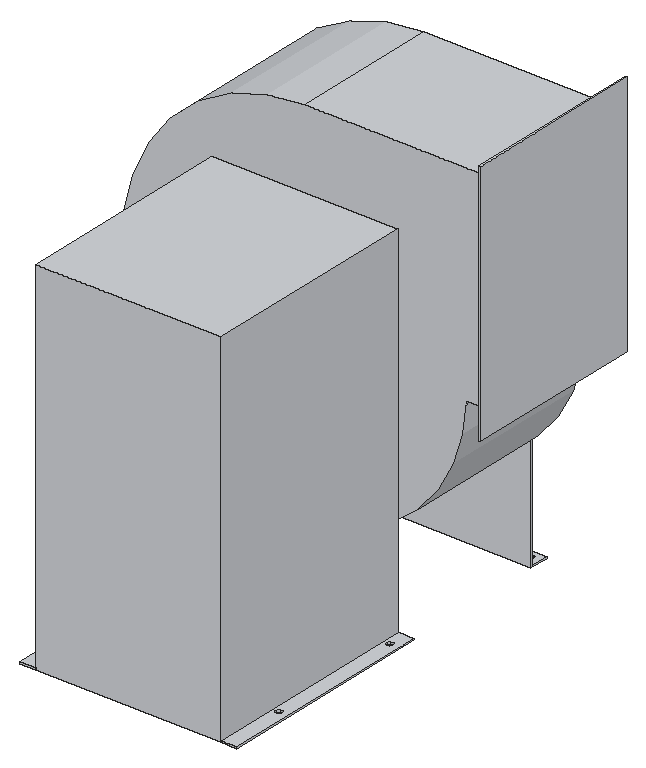
Revit family "CPV", category Mechanical Equipment, Revit 2019
Family settings
  Round Connector Dimension = Use Radius
  Part Type = Normal
  Work Plane-Based = No
  Always vertical = Yes
  Cut with Voids When Loaded = No
  Shared = No
  Room Calculation Point = No
Parameters (values of type "165-CPV")
  Z = 7 3/16"
  Y = 8 5/8"
  X = 21 1/4"
  W+M = W + M  # 19 1/8"
  W+1.5+K+L = W + 1 1/2" + K + L  # 32 13/16"
  W+1.5 = W + 1 1/2"  # 5 1/2"
  W = 4"
  V = 8"
  Unit Weight [instance] = ""
  UNCHECK = not(CHECK)  # no
  UBD_CW [instance] = if(CW, (if(UBD, CHECK, UNCHECK)), UNCHECK)  # no
  UBD_CCW [instance] = if(CCW, (if(UBD, CHECK, UNCHECK)), UNCHECK)  # no
  UBD [instance] = no
  U-.125 = U - 1/8"  # 1 1/2"
  U = 1 5/8"
  THD_CW [instance] = if(CW, (if(THD, CHECK, UNCHECK)), UNCHECK)  # yes
  THD_CCW [instance] = if(CCW, (if(THD, CHECK, UNCHECK)), UNCHECK)  # no
  THD [instance] = yes
  TAU_CW [instance] = if(CW, (if(TAU, CHECK, UNCHECK)), UNCHECK)  # no
  TAU_CCW [instance] = if(CCW, (if(TAU, CHECK, UNCHECK)), UNCHECK)  # no
  TAU [instance] = no
  TAD_CW [instance] = if(CW, (if(TAD, CHECK, UNCHECK)), UNCHECK)  # no
  TAD_CCW [instance] = if(CCW, (if(TAD, CHECK, UNCHECK)), UNCHECK)  # no
  TAD [instance] = no
  T = 3/4"
  Stack Ht [instance] = 120" - (F + D)  # 83 3/16"
  Stack Extension CW [instance] = if(Stack Ht < 40", UNCHECK, if(and(CW, Stack Extension), CHECK, UNCHECK))  # no
  Stack Extension CCW [instance] = if(Stack Ht < 40", UNCHECK, if(and(CCW, Stack Extension), CHECK, UNCHECK))  # no
  Stack Extension [instance] = no
  Sones [instance] = ""
  S/2 = S / 2  # 9/32"
  S = 9/16"
  R = 1"
  Q = 3"
  P-U = P - U  # 38 1/4"
  P-D = P - D  # 19 7/16"
  P = 39 7/8"
  N = 14 7/16"
  Motor RPM [instance] = ""
  Motor Enclosure [instance] = ""
  ModelID [instance] = ""
  M = 15 1/8"
  LwA [instance] = ""
  L = 15 5/16"
  K = 12"
  J = 15 13/16"
  H = 31 7/16"
  G-V = G - V  # 1 3/8"
  G = 9 3/8"
  Fan RPM [instance] = ""
  F-.125 = F - 1/8"  # 16 1/4"
  F = 16 3/8"
  E-F = E - F  # 15 11/16"
  E = 32 1/16"
  DBD_CW [instance] = if(CW, (if(DBD, CHECK, UNCHECK)), UNCHECK)  # no
  DBD_CCW [instance] = if(CCW, (if(DBD, CHECK, UNCHECK)), UNCHECK)  # no
  DBD [instance] = no
  D = 20 7/16"
  CW [instance] = yes
  CLASS = 1"
  CHECK = yes
  CCW [instance] = not(CW)  # no
  C/8*7 = C / 8 * 2.5  # 6 159/256"
  C/8 = C / 6  # 3 17/32"
  C/2 = C / 2  # 10 19/32"
  C = 21 3/16"
  Brake Hp [instance] = ""
  BHD_CW [instance] = if(CW, (if(BHD, CHECK, UNCHECK)), UNCHECK)  # no
  BHD_CCW [instance] = if(CCW, (if(BHD, CHECK, UNCHECK)), UNCHECK)  # no
  BHD [instance] = no
  BAU_CW [instance] = if(CW, (if(BAU, CHECK, UNCHECK)), UNCHECK)  # no
  BAU_CCW [instance] = if(CCW, (if(BAU, CHECK, UNCHECK)), UNCHECK)  # no
  BAU [instance] = no
  BAD_CW [instance] = if(CW, (if(BAD, CHECK, UNCHECK)), UNCHECK)  # no
  BAD_CCW [instance] = if(CCW, (if(BAD, CHECK, UNCHECK)), UNCHECK)  # no
  BAD [instance] = no
  B = 18 1/16"
  Accessories [instance] = ""
  A+.25 = A + 1/4"  # 12 7/8"
  A = 12 5/8"
  CUT = 2"
  TB = 3"  # constant formula
  TA = 20"  # constant formula
  Zero = 0"  # constant formula
  Voltage [instance] = 0 V
  URL = "www.lorencook.com"
  Type Comments = "Aluminum Flat Blade Centrifugal Blower Arrangement 10 Class 1"
  Static Pressure [instance] = 0.00 in-wg
  Power [instance] = Voltage * Motor FLA * sqrt(if(Phase = 3, 3, 1))  # 0 VA
  Phase [instance] = 0
  Number of Poles [instance] = 1
  Motor Hp [instance] = "0"
  Motor FLA [instance] = 0 A
  Model = "CPV_CLASS_1"
  Manufacturer = "Loren Cook Company"
  CFM [instance] = 0 CFM
  1.5 = 1 1/2"  # constant formula
  ONE EIGHTH = 1/8"  # constant formula
  -1.5 = -1 1/2"  # constant formula
  -.125 = -1/8"  # constant formula
  -(A+.25) = -(A + 1/4")  # -12 7/8"
  (C/2)-1.5 = (C / 2) - 1 1/2"  # 9 3/32"
  (C/2)-.25 = (C / 2) - 1/4"  # 10 11/32"
Types (21): name | Z | Y | X | W+M | W+1.5+K+L | W+1.5 | W | V | U-.125 | U | THD_CW | THD_CCW | T | Stack Ht | S/2 | S | R | Q | P-U | P-D | P | N | M | L | K | J | H | G-V | G | F-.125 | F | E-F | E | D | CW | CCW | C/8*7 | C/8 | C/2 | C | B | A+.25 | A | CUT | Type Comments | Model | -(A+.25) | (C/2)-1.5 | (C/2)-.25
  (no name) | 7 3/16" | 8 5/8" | 21 1/4" | 19 1/8" | 32 13/16" | 5 1/2" | 4" | 8" | 1 1/2" | 1 5/8" | yes | no | 3/4" | 83 3/16" | 9/32" | 9/16" | 1" | 3" | 38 1/4" | 19 7/16" | 39 7/8" | 14 7/16" | 15 1/8" | 15 5/16" | 12" | 15 13/16" | 31 7/16" | 1 3/8" | 9 3/8" | 16 1/4" | 16 3/8" | 15 11/16" | 32 1/16" | 20 7/16" | yes | no | 6 159/256" | 3 17/32" | 10 19/32" | 21 3/16" | 18 1/16" | 12 7/8" | 12 5/8" | 2" | "Aluminum Flat Blade Centrifugal Blower Arrangement 10 Class 1" | "CPV_CLASS_1" | -12 7/8" | 9 3/32" | 10 11/32"
  135-CPV | 6" | 8 5/8" | 17 15/16" | 19 1/8" | 30 1/2" | 5 1/2" | 4" | 8" | 1 1/2" | 1 5/8" | yes | no | 3/4" | 88 1/8" | 9/32" | 9/16" | 1" | 3" | 32 9/16" | 16 3/16" | 34 3/16" | 12 1/8" | 15 1/8" | 13" | 12" | 13 1/2" | 27" | 1 3/8" | 9 3/8" | 13 3/4" | 13 7/8" | 12 13/16" | 26 11/16" | 18" | yes | no | 5 65/128" | 2 15/16" | 8 13/16" | 17 5/8" | 14 3/4" | 10 9/16" | 10 5/16" | 2" | "Aluminum Flat Blade Centrifugal Blower Arrangement 10 Class 1" | "CPV_CLASS_1" | -10 9/16" | 7 5/16" | 8 9/16"
  150-CPV | 6 9/16" | 8 5/8" | 19 5/8" | 19 1/8" | 31 5/8" | 5 1/2" | 4" | 8" | 1 1/2" | 1 5/8" | yes | no | 3/4" | 85 5/8" | 9/32" | 9/16" | 1" | 3" | 35 1/2" | 18 1/16" | 37 1/8" | 13 1/4" | 15 1/8" | 14 1/8" | 12" | 14 5/8" | 29 1/16" | 1 3/8" | 9 3/8" | 15 3/16" | 15 5/16" | 14 1/4" | 29 9/16" | 19 1/16" | yes | no | 5 125/128" | 3 3/16" | 9 9/16" | 19 1/8" | 16 7/16" | 11 11/16" | 11 7/16" | 2" | "Aluminum Flat Blade Centrifugal Blower Arrangement 10 Class 1" | "CPV_CLASS_1" | -11 11/16" | 8 1/16" | 9 5/16"
  165-CPV | 7 3/16" | 8 5/8" | 21 1/4" | 19 1/8" | 32 13/16" | 5 1/2" | 4" | 8" | 1 1/2" | 1 5/8" | yes | no | 3/4" | 83 3/16" | 9/32" | 9/16" | 1" | 3" | 38 1/4" | 19 7/16" | 39 7/8" | 14 7/16" | 15 1/8" | 15 5/16" | 12" | 15 13/16" | 31 7/16" | 1 3/8" | 9 3/8" | 16 1/4" | 16 3/8" | 15 11/16" | 32 1/16" | 20 7/16" | yes | no | 6 159/256" | 3 17/32" | 10 19/32" | 21 3/16" | 18 1/16" | 12 7/8" | 12 5/8" | 2" | "Aluminum Flat Blade Centrifugal Blower Arrangement 10 Class 1" | "CPV_CLASS_1" | -12 7/8" | 9 3/32" | 10 11/32"
  180-CPV | 7 3/4" | 9 5/8" | 22 7/8" | 19 1/8" | 33 15/16" | 5 1/2" | 4" | 9" | 1 1/2" | 1 5/8" | yes | no | 3/4" | 80 5/16" | 9/32" | 9/16" | 1 3/16" | 3" | 41 1/2" | 21 1/16" | 43 1/8" | 15 9/16" | 15 1/8" | 16 7/16" | 12" | 16 15/16" | 33 9/16" | 1 3/8" | 10 3/8" | 17 1/2" | 17 5/8" | 17 1/8" | 34 3/4" | 22 1/16" | yes | no | 7 23/256" | 3 25/32" | 11 11/32" | 22 11/16" | 19 11/16" | 14" | 13 3/4" | 2" | "Aluminum Flat Blade Centrifugal Blower Arrangement 10 Class 1" | "CPV_CLASS_1" | -14" | 9 27/32" | 11 3/32"
  195-CPV | 8 5/16" | 9 5/8" | 24 1/2" | 22 1/8" | 38 1/8" | 5 1/2" | 4" | 9" | 1 1/2" | 1 5/8" | yes | no | 3/4" | 78 1/2" | 9/32" | 9/16" | 1 3/16" | 3" | 44 3/4" | 22 11/16" | 46 3/8" | 16 3/4" | 18 1/8" | 17 5/8" | 15" | 18 3/16" | 35 11/16" | 1 3/8" | 10 3/8" | 17 11/16" | 17 13/16" | 18 1/2" | 36 5/16" | 23 11/16" | yes | no | 7 143/256" | 4 1/32" | 12 3/32" | 24 3/16" | 21 5/16" | 15 3/16" | 14 15/16" | 2" | "Aluminum Flat Blade Centrifugal Blower Arrangement 10 Class 1" | "CPV_CLASS_1" | -15 3/16" | 10 19/32" | 11 27/32"
  210-CPV | 8 7/8" | 10 5/8" | 26 3/16" | 23 1/8" | 40 1/4" | 6 1/2" | 5" | 10" | 1 1/2" | 1 5/8" | yes | no | 3/4" | 74 5/8" | 9/32" | 9/16" | 1 7/16" | 4" | 48 1/8" | 24 3/8" | 49 3/4" | 17 7/8" | 18 1/8" | 18 3/4" | 15" | 19 5/16" | 38 7/8" | 1 3/8" | 11 3/8" | 19 7/8" | 20" | 19 15/16" | 39 15/16" | 25 3/8" | yes | no | 8 27/256" | 4.32292" | 12 31/32" | 25 15/16" | 23" | 16 5/16" | 16 1/16" | 2" | "Aluminum Flat Blade Centrifugal Blower Arrangement 10 Class 1" | "CPV_CLASS_1" | -16 5/16" | 11 15/32" | 12 23/32"
  225-CPV | 9 7/16" | 11 1/8" | 27 13/16" | 23 1/8" | 41 3/8" | 6 1/2" | 5" | 10 1/2" | 1 1/2" | 1 5/8" | yes | no | 3/4" | 72 3/8" | 9/32" | 9/16" | 1 7/16" | 4" | 51 3/8" | 26" | 53" | 19" | 18 1/8" | 19 7/8" | 15" | 20 7/16" | 41" | 1 3/8" | 11 7/8" | 20 1/2" | 20 5/8" | 21 3/8" | 42" | 27" | yes | no | 8 147/256" | 4.57292" | 13 23/32" | 27 7/16" | 24 5/8" | 17 7/16" | 17 3/16" | 2" | "Aluminum Flat Blade Centrifugal Blower Arrangement 10 Class 1" | "CPV_CLASS_1" | -17 7/16" | 12 7/32" | 13 15/32"
  245-CPV | 10 1/2" | 12 3/8" | 31" | 23 1/8" | 43 3/16" | 6 1/2" | 5" | 11 1/2" | 2" | 2 1/8" | yes | no | 1" | 68 5/8" | 11/32" | 11/16" | 1 11/16" | 4" | 56 1/8" | 28 5/8" | 58 1/4" | 21 1/16" | 18 1/8" | 21 11/16" | 15" | 23" | 44 5/8" | 1 7/8" | 13 3/8" | 21 5/8" | 21 3/4" | 23 5/16" | 45 1/16" | 29 5/8" | yes | no | 9 51/256" | 4 29/32" | 14 23/32" | 29 7/16" | 26 13/16" | 19" | 18 3/4" | 2" | "Aluminum Flat Blade Centrifugal Blower Arrangement 10 Class 1" | "CPV_CLASS_1" | -19" | 13 7/32" | 14 15/32"
  270-CPV | 11 7/16" | 13 3/8" | 33 3/4" | 26 1/8" | 48 1/16" | 6 1/2" | 5" | 12 1/2" | 2" | 2 1/8" | yes | no | 1" | 64 1/4" | 11/32" | 11/16" | 1 11/16" | 4" | 61 5/8" | 31 3/8" | 63 3/4" | 22 15/16" | 21 1/8" | 23 9/16" | 18" | 24 7/8" | 48 7/8" | 1 7/8" | 14 3/8" | 23 1/4" | 23 3/8" | 25 11/16" | 49 1/16" | 32 3/8" | yes | no | 9 251/256" | 5.32292" | 15 31/32" | 31 15/16" | 29 9/16" | 20 7/8" | 20 5/8" | 2 1/4" | "Aluminum Flat Blade Centrifugal Blower Arrangement 10 Class 1" | "CPV_CLASS_1" | -20 7/8" | 14 15/32" | 15 23/32"
  300-CPV | 12 5/8" | 14 5/16" | 37" | 26 3/16" | 50 1/2" | 6 1/2" | 5" | 13 1/2" | 2" | 2 1/8" | yes | no | 1" | 58 1/2" | 11/32" | 11/16" | 1 15/16" | 4" | 69 1/8" | 35 5/8" | 71 1/4" | 25 5/16" | 21 3/16" | 26" | 18" | 27 3/16" | 53 5/8" | 1 13/16" | 15 5/16" | 25 3/4" | 25 7/8" | 28 1/2" | 54 3/8" | 35 5/8" | yes | no | 10 235/256" | 5.82292" | 17 15/32" | 34 15/16" | 32 13/16" | 23 3/16" | 22 15/16" | 2 1/2" | "Aluminum Flat Blade Centrifugal Blower Arrangement 10 Class 1" | "CPV_CLASS_1" | -23 3/16" | 15 31/32" | 17 7/32"
  330-CPV | 13 3/4" | 15 13/16" | 40 5/16" | 26 3/16" | 52 13/16" | 6 1/2" | 5" | 15" | 2" | 2 1/8" | yes | no | 1" | 52 11/16" | 13/32" | 13/16" | 1 15/16" | 4" | 74 5/8" | 37 7/8" | 76 3/4" | 27 5/8" | 21 3/16" | 28 5/16" | 18" | 29 7/16" | 58 3/8" | 1 13/16" | 16 13/16" | 28 5/16" | 28 7/16" | 31 3/8" | 59 13/16" | 38 7/8" | yes | no | 11 219/256" | 6.32292" | 18 31/32" | 37 15/16" | 36 1/8" | 25 1/2" | 25 1/4" | 2 3/4" | "Aluminum Flat Blade Centrifugal Blower Arrangement 10 Class 1" | "CPV_CLASS_1" | -25 1/2" | 17 15/32" | 18 23/32"
  365-CPV | 15 1/16" | 16 13/16" | 44 3/16" | 30 3/16" | 59 7/16" | 7 1/2" | 6" | 16" | 2" | 2 1/8" | yes | no | 1" | 45 13/16" | 13/32" | 13/16" | 2 3/16" | 5" | 82 3/8" | 41 3/4" | 84 1/2" | 30 1/4" | 24 3/16" | 30 15/16" | 21" | 32 1/16" | 64 1/4" | 1 13/16" | 17 13/16" | 31 5/16" | 31 7/16" | 34 11/16" | 66 1/8" | 42 3/4" | yes | no | 12 243/256" | 6 29/32" | 20 23/32" | 41 7/16" | 39 15/16" | 28 1/8" | 27 7/8" | 3" | "Aluminum Flat Blade Centrifugal Blower Arrangement 10 Class 1" | "CPV_CLASS_1" | -28 1/8" | 19 7/32" | 20 15/32"
  402-CPV | 17" | 18 13/16" | 48 5/16" | 30 3/16" | 62 13/16" | 7 1/2" | 6" | 18" | 2" | 2 1/8" | yes | no | 1" | 38 9/16" | 13/32" | 13/16" | 2 3/16" | 5" | 90 3/8" | 45 3/4" | 92 1/2" | 34 1/8" | 24 3/16" | 34 5/16" | 21" | 34 15/16" | 70 1/4" | 1 13/16" | 19 13/16" | 34 9/16" | 34 11/16" | 38 1/4" | 72 15/16" | 46 3/4" | yes | no | 14 31/256" | 7 17/32" | 22 19/32" | 45 3/16" | 44 1/16" | 31" | 30 3/4" | 3 1/4" | "Aluminum Flat Blade Centrifugal Blower Arrangement 10 Class 1" | "CPV_CLASS_1" | -31" | 21 3/32" | 22 11/32"
  445-CPV | 18 5/8" | 20 13/16" | 52 15/16" | 34 3/16" | 70 1/16" | 7 1/2" | 6" | 20" | 2" | 2 1/8" | yes | no | 1" | 30 5/16" | 13/32" | 13/16" | 2 7/16" | 5" | 99 5/8" | 50 3/8" | 101 3/4" | 37 3/8" | 28 3/16" | 37 9/16" | 25" | 38 3/16" | 76 7/8" | 1 13/16" | 21 13/16" | 38 3/16" | 38 5/16" | 42 1/4" | 80 9/16" | 51 3/8" | yes | no | 15 115/256" | 8.23958" | 24 23/32" | 49 7/16" | 48 11/16" | 34 1/4" | 34" | 3 1/2" | "Aluminum Flat Blade Centrifugal Blower Arrangement 10 Class 1" | "CPV_CLASS_1" | -34 1/4" | 23 7/32" | 24 15/32"
  490-CPV | 20 3/8" | 22 13/16" | 57 7/8" | 34 3/16" | 73 1/2" | 7 1/2" | 6" | 22" | 2" | 2 1/8" | no | yes | 1" | 21 9/16" | 13/32" | 13/16" | 2 7/16" | 5" | 109 3/8" | 55 1/4" | 111 1/2" | 40 3/16" | 28 3/16" | 41" | 25" | 41 5/8" | 84 1/4" | 1 13/16" | 23 13/16" | 42 1/16" | 42 3/16" | 46 9/16" | 88 3/4" | 56 1/4" | no | yes | 17 3/16" | 9.16667" | 27 1/2" | 55" | 53 5/8" | 37 7/16" | 37 3/16" | 4" | "Aluminum Flat Blade Centrifugal Blower Arrangement 10 Class 1" | "CPV_CLASS_1" | -37 7/16" | 26" | 27 1/4"
  120-CPV | 5 7/16" | 8 5/8" | 16 5/16" | 17 1/8" | 27 3/8" | 5 1/2" | 4" | 8" | 1 1/2" | 1 5/8" | yes | no | 3/4" | 88 5/8" | 9/32" | 9/16" | 1" | 3" | 30 15/16" | 14 9/16" | 32 9/16" | 11" | 13 1/8" | 11 7/8" | 10" | 12 3/8" | 26 1/4" | 1 3/8" | 9 3/8" | 13 1/4" | 13 3/8" | 11 7/16" | 24 13/16" | 18" | yes | no | 5 5/128" | 2 11/16" | 8 1/16" | 16 1/8" | 13 1/8" | 9 7/16" | 9 3/16" | 2 1/2" | "Aluminum Flat Blade Centrifugal Blower Arrangement 10 Class 1" | "CPV_CLASS_1" | -9 7/16" | 6 9/16" | 7 13/16"
  100-CPV | 4 5/8" | 8 5/8" | 14 1/16" | 17 1/8" | 25 3/4" | 5 1/2" | 4" | 8" | 1 1/2" | 1 5/8" | yes | no | 3/4" | 89 1/4" | 9/32" | 9/16" | 1" | 3" | 28 3/4" | 12 3/8" | 30 3/8" | 9 3/8" | 13 1/8" | 10 1/4" | 10" | 10 3/4" | 25 1/4" | 1 3/8" | 9 3/8" | 12 5/8" | 12 3/4" | 9 1/2" | 22 1/4" | 18" | yes | no | 4 53/128" | 2.35417" | 7 1/16" | 14 1/8" | 10 15/16" | 7 13/16" | 7 9/16" | 3 1/2" | "Aluminum Flat Blade Centrifugal Blower Arrangement 10 Class 1" | "CPV_CLASS_1" | -7 13/16" | 5 9/16" | 6 13/16"
  60-CPV | 4 5/8" | 8 5/8" | 14 1/16" | 17 1/8" | 25 3/4" | 5 1/2" | 4" | 8" | 1 1/2" | 1 5/8" | yes | no | 3/4" | 89 1/4" | 9/32" | 9/16" | 1" | 3" | 28 3/4" | 12 3/8" | 30 3/8" | 9 3/8" | 13 1/8" | 10 1/4" | 10" | 10 3/4" | 25 1/4" | 1 3/8" | 9 3/8" | 12 5/8" | 12 3/4" | 9 1/2" | 22 1/4" | 18" | yes | no | 4 53/128" | 2.35417" | 7 1/16" | 14 1/8" | 10 15/16" | 7 13/16" | 7 9/16" | 3 1/2" | "Aluminum Flat Blade Centrifugal Blower Arrangement 10 Class 1" | "CPV_CLASS_1" | -7 13/16" | 5 9/16" | 6 13/16"
  70-CPV | 4 5/8" | 8 5/8" | 14 1/16" | 17 1/8" | 25 3/4" | 5 1/2" | 4" | 8" | 1 1/2" | 1 5/8" | yes | no | 3/4" | 89 1/4" | 9/32" | 9/16" | 1" | 3" | 28 3/4" | 12 3/8" | 30 3/8" | 9 3/8" | 13 1/8" | 10 1/4" | 10" | 10 3/4" | 25 1/4" | 1 3/8" | 9 3/8" | 12 5/8" | 12 3/4" | 9 1/2" | 22 1/4" | 18" | yes | no | 4 53/128" | 2.35417" | 7 1/16" | 14 1/8" | 10 15/16" | 7 13/16" | 7 9/16" | 3 1/2" | "Aluminum Flat Blade Centrifugal Blower Arrangement 10 Class 1" | "CPV_CLASS_1" | -7 13/16" | 5 9/16" | 6 13/16"
  80-CPV | 4 5/8" | 8 5/8" | 14 1/16" | 17 1/8" | 25 3/4" | 5 1/2" | 4" | 8" | 1 1/2" | 1 5/8" | yes | no | 3/4" | 89 1/4" | 9/32" | 9/16" | 1" | 3" | 28 3/4" | 12 3/8" | 30 3/8" | 9 3/8" | 13 1/8" | 10 1/4" | 10" | 10 3/4" | 25 1/4" | 1 3/8" | 9 3/8" | 12 5/8" | 12 3/4" | 9 1/2" | 22 1/4" | 18" | yes | no | 4 53/128" | 2.35417" | 7 1/16" | 14 1/8" | 10 15/16" | 7 13/16" | 7 9/16" | 3 1/2" | "Aluminum Flat Blade Centrifugal Blower Arrangement 10" | "CPV" | -7 13/16" | 5 9/16" | 6 13/16"
Reference planes (in)
  plane 1 "Center (Front/Back)": y = 0
  plane 2: z = 0
  plane 3 "Center (Left/Right)": x = 5.43191
  plane 4: z = 20.4375
  plane 5: x = -14.00559
  plane 6: x = 24.86941
  plane 7 "Stack Extension Top": z = 120
  plane 8 "Stack Extension Top Flange": z = 119.875
  plane 9 "Stack Extension Bottom Flange": z = 36.9375
  plane 10 "Stack Extension Bottom": z = 36.8125
Forms (in)
  Extrusion 1, solid
    sketch origin (0, 0, 0) x (1, 0, 0) y (0, 1, 0)
      loop
        line (-2.56809, 0) -> (-2.56809, -19.125) -> (13.43191, -19.125) -> (13.43191, 0) -> (-2.56809, 0)
    from 0 to 31.4375 <- "H"
  Extrusion 2, solid
    sketch origin (0, 0, 0) x (1, 0, 0) y (0, 1, 0)
      loop
        line (-2.56809, 0) -> (-3.94309, 0) -> (-3.94309, -19.125) -> (-2.56809, -19.125) -> (-2.56809, 0)
      loop
        line (13.43191, 0) -> (13.43191, -19.125) -> (14.80691, -19.125) -> (14.80691, 0) -> (13.43191, 0)
    from 0 to 0.125 <- "ONE EIGHTH"
  Extrusion 3, solid
    sketch origin (0, 0, 0) x (1, 0, 0) y (0, 1, 0)
      loop
        line (-3.94309, 14.4375) -> (-3.94309, 12.875) -> (14.80691, 12.875) -> (14.80691, 14.4375) -> (-3.94309, 14.4375)
    from 0 to 0.125 <- "ONE EIGHTH"
  Extrusion 4, solid
    sketch origin (14.80691, 12.875, 0) x (-1, 0, 0) y (0, 0, -1)
      loop
        line (18.75, 0) -> (0, 0) -> (0, -20.4375) -> (18.75, -20.4375) -> (18.75, 0)
    from 0 to 0.125 <- "ONE EIGHTH"
  Extrusion 5, void
    sketch origin (14.80691, 12.875, 0) x (1, 0, 0) y (0, 0, -1)
      loop
        circle (-9.375, -20.4375) r 10.59375
    from -0.125 <- "-.125" to 0 <- "Zero"
  Extrusion 6, void
    sketch origin (0, 0, 0) x (1, 0, 0) y (0, 1, 0)
      loop
        circle (14.05691, -1.625) r 0.28125
      loop
        circle (14.05691, -13.625) r 0.28125
      loop
        circle (-3.19309, -13.625) r 0.28125
      loop
        circle (-3.19309, -1.625) r 0.28125
    from -12 to 12
  Extrusion 7, void
    sketch origin (0, 0, 0) x (1, 0, 0) y (0, 1, 0)
      loop
        circle (14.05691, 13.6875) r 0.28125
      loop
        circle (-3.19309, 13.6875) r 0.28125
    from -0.125 <- "-.125" to 0.125 <- "ONE EIGHTH"
  Extrusion 8, solid
    sketch origin (14.80691, 12.75, 0) x (-1, 0, 0) y (0, 0, -1)
      loop
        circle (9.375, -20.4375) r 10.59375
      loop
        circle (9.375, -20.4375) r 10.34375
    from 0 to -1.5 <- "-1.5"
  Extrusion 9, solid, visible <- "Stack Extension CW"
    sketch origin (0, 0, 36.8125) x (0, -1, 0) y (1, 0, 0)
      loop
        line (-14.3125, -14.00559) -> (1.5, -14.00559) -> (1.5, 7.24441) -> (-14.3125, 7.24441) -> (-14.3125, -14.00559)
    from 0.125 to 0
  Extrusion 10, solid, visible <- "Stack Extension CW"
    sketch origin (0, 0, 120) x (-1, 0, 0) y (0, -1, 0)
      loop
        line (14.00559, -14.3125) -> (14.00559, 1.5) -> (-7.24441, 1.5) -> (-7.24441, -14.3125) -> (14.00559, -14.3125)
    from 0 to -0.125
  Extrusion 11, solid, visible <- "Stack Extension CW"
    sketch origin (0, 0, 36.9375) x (-1, 0, 0) y (0, -1, 0)
      loop
        line (12.38059, -12.75) -> (12.38059, -0.125) -> (-5.68191, -0.125) -> (-5.68191, -12.75) -> (12.38059, -12.75)
    from 82.9375 to 0
  Extrusion 12, solid, visible <- "Stack Extension CCW"
    sketch origin (0, 0, 120) x (-1, 0, 0) y (0, -1, 0)
      loop
        line (-24.86941, -14.1875) -> (-3.61941, -14.1875) -> (-3.61941, 1.625) -> (-24.86941, 1.625) -> (-24.86941, -14.1875)
    from 0 to -0.125
  Extrusion 13, solid, visible <- "Stack Extension CCW"
    sketch origin (0, 0, 36.8125) x (0, -1, 0) y (1, 0, 0)
      loop
        line (-14.3125, 3.61941) -> (1.5, 3.61941) -> (1.5, 24.86941) -> (-14.3125, 24.86941) -> (-14.3125, 3.61941)
    from 0.125 to 0
  Extrusion 14, solid, visible <- "Stack Extension CCW"
    sketch origin (0, 0, 36.9375) x (-1, 0, 0) y (0, -1, 0)
      loop
        line (-5.18191, -12.75) -> (-5.18191, -0.125) -> (-23.24441, -0.125) -> (-23.24441, -12.75) -> (-5.18191, -12.75)
    from 82.9375 to 0
Cuts and joins
  Extrusion 5, Extrusion 7 cuts Extrusion 4
  Extrusion 6 cuts Extrusion 1
  Extrusion 6 cuts Extrusion 2
  Extrusion 7 cuts Extrusion 3
Lines and regions (in)
  reference lines, not visible
    curve 1: line (5.43191, 57, 20.4375) -> (5.43191, -58, 20.4375)
Dimensions and locks (in)
  "Zero": Extrusion 1 sketch curve to plane 1 "Center (Front/Back)"
  "W+M": plane 1 "Center (Front/Back)" to Extrusion 1 sketch curve
  "V": plane 3 "Center (Left/Right)" to Extrusion 1 sketch curve
  "V": Extrusion 1 sketch curve to plane 3 "Center (Left/Right)"
  "Zero": Extrusion 2 sketch curve to plane 1 "Center (Front/Back)"  (x2)
  "Zero": Extrusion 1 to Extrusion 2 sketch curve  (x2)
  "Zero": Extrusion 2 sketch curve to Extrusion 1  (x2)
  "G-V": Extrusion 2 sketch curve to Extrusion 2 sketch curve  (x2)
  "N": plane 1 "Center (Front/Back)" to Extrusion 3 sketch curve
  "A+.25": Extrusion 3 sketch curve to plane 1 "Center (Front/Back)"
  "Zero": Extrusion 2 to Extrusion 3 sketch curve  (x2)
  "Zero": Extrusion 1 to Extrusion 4 sketch curve
  "D": Extrusion 4 sketch curve to Extrusion 4 sketch curve
  "Zero": Extrusion 4 sketch curve to Extrusion 2  (x2)
  "D": Extrusion 1 to Extrusion 5 sketch curve
  "V": Extrusion 1 to Extrusion 5 sketch curve
  "Y": plane 3 "Center (Left/Right)" to Extrusion 6 sketch curve  (x2)
  "Y": Extrusion 6 sketch curve to plane 3 "Center (Left/Right)"  (x2)
  "W+1.5": Extrusion 1 to Extrusion 6 sketch curve  (x2)
  "K": Extrusion 6 sketch curve to Extrusion 6 sketch curve  (x2)
  "W+1.5+K+L": cut or joined group of Extrusion 1, Extrusion 6 to Extrusion 7 sketch curve  (x2)
  "V": cut or joined group of Extrusion 1, Extrusion 6 to Extrusion 8 sketch curve  (x2)
  "D": Extrusion 8 sketch curve to cut or joined group of Extrusion 1, Extrusion 6  (x2)
  "T": Extrusion 7 sketch curve to cut or joined group of Extrusion 3, Extrusion 7
  "T": cut or joined group of Extrusion 3, Extrusion 7 to Extrusion 7 sketch curve
  "D": plane 4 to level
  "Stack Ht": plane 7 "Stack Extension Top" to plane 10 "Stack Extension Bottom"
  "ONE EIGHTH": plane 7 "Stack Extension Top" to plane 8 "Stack Extension Top Flange"
  "ONE EIGHTH": plane 9 "Stack Extension Bottom Flange" to plane 10 "Stack Extension Bottom"
  equal spacing: plane 5, plane 3 "Center (Left/Right)", plane 6
  "P-D": plane 5 to plane 3 "Center (Left/Right)"
  "X": Extrusion 9 sketch curve to Extrusion 9 sketch curve
  "J": Extrusion 9 sketch curve to Extrusion 9 sketch curve
  "U-.125": Extrusion 9 sketch curve to plane 1 "Center (Front/Back)"
  "X": Extrusion 10 sketch curve to Extrusion 10 sketch curve
  "J": Extrusion 10 sketch curve to Extrusion 10 sketch curve
  "U-.125": Extrusion 10 sketch curve to plane 1 "Center (Front/Back)"
  "A": Extrusion 11 sketch curve to Extrusion 11 sketch curve
  "B": Extrusion 11 sketch curve to Extrusion 11 sketch curve
  "ONE EIGHTH": Extrusion 11 sketch curve to plane 1 "Center (Front/Back)"
  "U": plane 5 to Extrusion 11 sketch curve
  plane 7 "Stack Extension Top" to level = 120"
  "J": Extrusion 12 sketch curve to Extrusion 12 sketch curve
  "X": Extrusion 12 sketch curve to Extrusion 12 sketch curve
  "U": Extrusion 12 sketch curve to nested 6
  "U-.125": Extrusion 13 sketch curve to nested 6
  "J": Extrusion 13 sketch curve to Extrusion 13 sketch curve
  "X": Extrusion 13 sketch curve to Extrusion 13 sketch curve
  "B": Extrusion 14 sketch curve to Extrusion 14 sketch curve
  "A": Extrusion 14 sketch curve to Extrusion 14 sketch curve
  "U": Extrusion 14 sketch curve to plane 6
  "ONE EIGHTH": Extrusion 14 sketch curve to nested 6
  "C/2": radius of Extrusion 5 sketch curve
  "S/2": radius of Extrusion 6 sketch curve  (x4)
  "S/2": radius of Extrusion 7 sketch curve  (x2)
  "C/2": radius of Extrusion 8 sketch curve
  "(C/2)-.25": radius of Extrusion 8 sketch curve
  aligned and locked: plane 1 "Center (Front/Back)" to nested 1
  aligned and locked: curve 1 to plane 4
  aligned and locked: plane 3 "Center (Left/Right)" to nested 8
  aligned and locked: nested 8 to plane 4
  aligned and locked: plane 3 "Center (Left/Right)" to nested 3
  aligned and locked: nested 3 to nested 8
  aligned and locked: nested 8 to nested 7
  aligned and locked: nested 7 to plane 3 "Center (Left/Right)"
  aligned and locked: nested 5 to nested 8
  aligned and locked: nested 5 to plane 3 "Center (Left/Right)"
  aligned and locked: nested 1 to nested 8
  aligned and locked: nested 1 to nested 7
  aligned and locked: nested 2 to nested 1
  aligned and locked: nested 2 to nested 3
  aligned and locked: nested 2 to nested 5
  aligned and locked: nested 4 to nested 2
  aligned and locked: nested 6 to nested 1
  aligned and locked: plane 1 "Center (Front/Back)" to nested 12
  aligned and locked: plane 1 "Center (Front/Back)" to nested 11
  aligned and locked: plane 1 "Center (Front/Back)" to nested 10
  aligned and locked: plane 1 "Center (Front/Back)" to nested 16
  aligned and locked: plane 1 "Center (Front/Back)" to nested 15
  aligned and locked: plane 1 "Center (Front/Back)" to nested 9
  aligned and locked: plane 1 "Center (Front/Back)" to nested 14
  aligned and locked: plane 1 "Center (Front/Back)" to nested 13
  aligned and locked: nested 12 to plane 4
  aligned and locked: plane 3 "Center (Left/Right)" to nested 12
  aligned and locked: nested 12 to nested 13
  aligned and locked: nested 13 to plane 3 "Center (Left/Right)"
  aligned and locked: nested 16 to nested 12
  aligned and locked: plane 3 "Center (Left/Right)" to nested 16
  aligned and locked: nested 9 to nested 12
  aligned and locked: nested 9 to plane 3 "Center (Left/Right)"
  aligned and locked: nested 15 to curve 1  (x2)
  aligned and locked: nested 1 to curve 1  (x2)
  aligned and locked: nested 2 to curve 1  (x2)
  aligned and locked: nested 4 to curve 1  (x2)
  aligned and locked: nested 6 to curve 1  (x2)
  aligned and locked: nested 14 to curve 1  (x2)
  aligned and locked: nested 10 to curve 1  (x2)
  aligned and locked: nested 11 to curve 1  (x2)
  aligned and locked: Extrusion 9 sketch curve to plane 5
  aligned and locked: plane 9 "Stack Extension Bottom Flange" to Extrusion 9
  aligned and locked: plane 10 "Stack Extension Bottom" to Extrusion 9
  aligned and locked: Extrusion 10 sketch curve to plane 5
  aligned and locked: plane 7 "Stack Extension Top" to Extrusion 10
  aligned and locked: Extrusion 11 to plane 8 "Stack Extension Top Flange"
  aligned and locked: Extrusion 11 to plane 9 "Stack Extension Bottom Flange"
  aligned and locked: plane 6 to Extrusion 12 sketch curve
  aligned and locked: plane 7 "Stack Extension Top" to Extrusion 12
  aligned and locked: plane 8 "Stack Extension Top Flange" to Extrusion 12
  aligned and locked: Extrusion 13 sketch curve to plane 6
  aligned and locked: plane 9 "Stack Extension Bottom Flange" to Extrusion 13
  aligned and locked: plane 10 "Stack Extension Bottom" to Extrusion 13
  aligned and locked: Extrusion 14 to plane 8 "Stack Extension Top Flange"
  aligned and locked: Extrusion 14 to plane 9 "Stack Extension Bottom Flange"
Automatic sketch dimensions
  plane 1 "Center (Front/Back)" to curve 1 = 58"
  curve 1 to plane 1 "Center (Front/Back)" = 57"
Nested families (in)
  nested 1: "CP_Scroll_Housing" at (-9.30625, 0, 6.27267) x (0.7071, 0, -0.7071) z (0.7071, 0, 0.7071), visible <- "TAD_CW", type "Scroll"
    with Voltage 0 V, Unit Weight "", Static Pressure 0.00 in-wg, Sones "", Power 0 VA, Phase 0, Number of Poles 1, Motor RPM "", Motor Hp "0", Motor FLA 0 A, Motor Enclosure "", ModelID "", LwA "", Fan RPM "", CFM 0 CFM, Brake Hp "", Accessories ""
  nested 2: "CP_Scroll_Housing" at (19.59674, 0, 5.69934) x (0.7071, 0, 0.7071) z (-0.7071, 0, 0.7071), visible <- "TAU_CW", type "Scroll"
    with Voltage 0 V, Unit Weight "", Static Pressure 0.00 in-wg, Sones "", Power 0 VA, Phase 0, Number of Poles 1, Motor RPM "", Motor Hp "0", Motor FLA 0 A, Motor Enclosure "", ModelID "", LwA "", Fan RPM "", CFM 0 CFM, Brake Hp "", Accessories ""
  nested 3: "CP_Scroll_Housing" at (25.86941, 0, 20.03209) x (0, 0, 1) z (-1, 0, 0), visible <- "UBD_CW", type "Scroll"
    with Voltage 0 V, Unit Weight "", Static Pressure 0.00 in-wg, Sones "", Power 0 VA, Phase 0, Number of Poles 1, Motor RPM "", Motor Hp "0", Motor FLA 0 A, Motor Enclosure "", ModelID "", LwA "", Fan RPM "", CFM 0 CFM, Brake Hp "", Accessories ""
  nested 4: "CP_Scroll_Housing" at (20.17008, 0, 34.60233) x (-0.7071, 0, 0.7071) z (-0.7071, 0, -0.7071), visible <- "BAU_CW", type "Scroll"
    with Voltage 0 V, Unit Weight "", Static Pressure 0.00 in-wg, Sones "", Power 0 VA, Phase 0, Number of Poles 1, Motor RPM "", Motor Hp "0", Motor FLA 0 A, Motor Enclosure "", ModelID "", LwA "", Fan RPM "", CFM 0 CFM, Brake Hp "", Accessories ""
  nested 5: "CP_Scroll_Housing" at (5.83733, 0, 40.875) x (-1, 0, 0) z (0, 0, -1), visible <- "BHD_CW", type "Scroll"
    with Voltage 0 V, Unit Weight "", Static Pressure 0.00 in-wg, Sones "", Power 0 VA, Phase 0, Number of Poles 1, Motor RPM "", Motor Hp "0", Motor FLA 0 A, Motor Enclosure "", ModelID "", LwA "", Fan RPM "", CFM 0 CFM, Brake Hp "", Accessories ""
  nested 6: "CP_Scroll_Housing" at (-8.73291, 0, 35.17566) x (-0.7071, 0, -0.7071) z (0.7071, 0, -0.7071), visible <- "BAD_CW", type "Scroll"
    with Voltage 0 V, Unit Weight "", Static Pressure 0.00 in-wg, Sones "", Power 0 VA, Phase 0, Number of Poles 1, Motor RPM "", Motor Hp "0", Motor FLA 0 A, Motor Enclosure "", ModelID "", LwA "", Fan RPM "", CFM 0 CFM, Brake Hp "", Accessories ""
  nested 7: "CP_Scroll_Housing" at (-15.00559, 0, 20.84291) x (0, 0, -1) z (1, 0, 0), visible <- "DBD_CW", type "Scroll"
    with Voltage 0 V, Unit Weight "", Static Pressure 0.00 in-wg, Sones "", Power 0 VA, Phase 0, Number of Poles 1, Motor RPM "", Motor Hp "0", Motor FLA 0 A, Motor Enclosure "", ModelID "", LwA "", Fan RPM "", CFM 0 CFM, Brake Hp "", Accessories ""
  nested 8: "CP_Scroll_Housing" at (5.0265, 0, 0), visible <- "THD_CW", type "Scroll"
    with Voltage 0 V, Unit Weight "", Static Pressure 0.00 in-wg, Sones "", Power 0 VA, Phase 0, Number of Poles 1, Motor RPM "", Motor Hp "0", Motor FLA 0 A, Motor Enclosure "", ModelID "", LwA "", Fan RPM "", CFM 0 CFM, Brake Hp "", Accessories ""
  nested 9: "CP_Scroll_Housing" at (-15.00559, 12.875, 20.03209) x (0, 0, 1) z (1, 0, 0), visible <- "UBD_CCW", type "Scroll"
    with Voltage 0 V, Unit Weight "", Static Pressure 0.00 in-wg, Sones "", Power 0 VA, Phase 0, Number of Poles 1, Motor RPM "", Motor Hp "0", Motor FLA 0 A, Motor Enclosure "", ModelID "", LwA "", Fan RPM "", CFM 0 CFM, Brake Hp "", Accessories ""
  nested 10: "CP_Scroll_Housing" at (19.59674, 12.875, 35.17566) x (0.7071, 0, -0.7071) z (-0.7071, 0, -0.7071), visible <- "BAD_CCW", type "Scroll"
    with Voltage 0 V, Unit Weight "", Static Pressure 0.00 in-wg, Sones "", Power 0 VA, Phase 0, Number of Poles 1, Motor RPM "", Motor Hp "0", Motor FLA 0 A, Motor Enclosure "", ModelID "", LwA "", Fan RPM "", CFM 0 CFM, Brake Hp "", Accessories ""
  nested 11: "CP_Scroll_Housing" at (20.17008, 12.875, 6.27267) x (-0.7071, 0, -0.7071) z (-0.7071, 0, 0.7071), visible <- "TAD_CCW", type "Scroll"
    with Voltage 0 V, Unit Weight "", Static Pressure 0.00 in-wg, Sones "", Power 0 VA, Phase 0, Number of Poles 1, Motor RPM "", Motor Hp "0", Motor FLA 0 A, Motor Enclosure "", ModelID "", LwA "", Fan RPM "", CFM 0 CFM, Brake Hp "", Accessories ""
  nested 12: "CP_Scroll_Housing" at (25.86941, 12.875, 20.84291) x (0, 0, -1) z (-1, 0, 0), visible <- "DBD_CCW", type "Scroll"
    with Voltage 0 V, Unit Weight "", Static Pressure 0.00 in-wg, Sones "", Power 0 VA, Phase 0, Number of Poles 1, Motor RPM "", Motor Hp "0", Motor FLA 0 A, Motor Enclosure "", ModelID "", LwA "", Fan RPM "", CFM 0 CFM, Brake Hp "", Accessories ""
  nested 13: "CP_Scroll_Housing" at (5.83733, 12.875, 0) x (-1, 0, 0) z (0, 0, 1), visible <- "THD_CCW", type "Scroll"
    with Voltage 0 V, Unit Weight "", Static Pressure 0.00 in-wg, Sones "", Power 0 VA, Phase 0, Number of Poles 1, Motor RPM "", Motor Hp "0", Motor FLA 0 A, Motor Enclosure "", ModelID "", LwA "", Fan RPM "", CFM 0 CFM, Brake Hp "", Accessories ""
  nested 14: "CP_Scroll_Housing" at (-8.73291, 12.875, 5.69934) x (-0.7071, 0, 0.7071) z (0.7071, 0, 0.7071), visible <- "TAU_CCW", type "Scroll"
    with Voltage 0 V, Unit Weight "", Static Pressure 0.00 in-wg, Sones "", Power 0 VA, Phase 0, Number of Poles 1, Motor RPM "", Motor Hp "0", Motor FLA 0 A, Motor Enclosure "", ModelID "", LwA "", Fan RPM "", CFM 0 CFM, Brake Hp "", Accessories ""
  nested 15: "CP_Scroll_Housing" at (-9.30625, 12.875, 34.60233) x (0.7071, 0, 0.7071) z (0.7071, 0, -0.7071), visible <- "BAU_CCW", type "Scroll"
    with Voltage 0 V, Unit Weight "", Static Pressure 0.00 in-wg, Sones "", Power 0 VA, Phase 0, Number of Poles 1, Motor RPM "", Motor Hp "0", Motor FLA 0 A, Motor Enclosure "", ModelID "", LwA "", Fan RPM "", CFM 0 CFM, Brake Hp "", Accessories ""
  nested 16: "CP_Scroll_Housing" at (5.0265, 12.875, 40.875) x (1, 0, 0) z (0, 0, -1), visible <- "BHD_CCW", type "Scroll"
    with Voltage 0 V, Unit Weight "", Static Pressure 0.00 in-wg, Sones "", Power 0 VA, Phase 0, Number of Poles 1, Motor RPM "", Motor Hp "0", Motor FLA 0 A, Motor Enclosure "", ModelID "", LwA "", Fan RPM "", CFM 0 CFM, Brake Hp "", Accessories ""
Connectors (in)
  electrical at (-2.56809, -9.5625, 15.71875)
    settings: on cut or joined group of Extrusion 1, Extrusion 6, index 3, voltage 0 V, apparent load 0 VA, apparent load phase1 0 VA, apparent load phase2 0 VA, apparent load phase3 0 VA, power factor 1, load classification "Other", number of poles 1, system type 30, power factor state 1, is connector primary yes, connector utility no, sub classification motor no, connector description ""
  hvac at (21.80691, 6.40625, 29.21875), driven by "CFM", driven by "B", driven by "A"
    settings: on nested 8, index 4, duct flow 0 CFM, flow factor 0, pres drop 0.00 in-wg, loss coef 0, conn angle 0.00°, conn width 12 5/8", conn height 18 1/16", conn diameter 24", duct sys type 29, conn prof type 1, flow config 0, flow direction 2, loss method 0, conn ref index -1, conn util no, is conn primary yes, conn desc ""
  hvac at (10.71312, 6.40625, 38.13727), driven by "CFM", driven by "A", driven by "B"
    settings: on nested 2, index 5, duct flow 0 CFM, flow factor 0, pres drop 0.00 in-wg, loss coef 0, conn angle 0.00°, conn width 18 1/16", conn height 12 5/8", conn diameter 24", duct sys type 29, conn prof type 1, flow config 0, flow direction 2, loss method 0, conn ref index -1, conn util no, is conn primary no, conn desc ""
  hvac at (-3.34934, 6.40625, 36.6875), driven by "CFM", driven by "A", driven by "B"
    settings: on nested 3, index 6, duct flow 0 CFM, flow factor 0, pres drop 0.00 in-wg, loss coef 0, conn angle 0.00°, conn width 18 1/16", conn height 12 5/8", conn diameter 24", duct sys type 29, conn prof type 1, flow config 0, flow direction 2, loss method 0, conn ref index -1, conn util no, is conn primary no, conn desc ""
  hvac at (-12.35624, 6.40625, 25.80709), driven by "CFM", driven by "A", driven by "B"
    settings: on nested 4, index 7, duct flow 0 CFM, flow factor 0, pres drop 0.00 in-wg, loss coef 0, conn angle 0.00°, conn width 18 1/16", conn height 12 5/8", conn diameter 24", duct sys type 29, conn prof type 1, flow config 0, flow direction 2, loss method 0, conn ref index -1, conn util no, is conn primary no, conn desc ""
  hvac at (-10.81809, 6.40625, 11.65625), driven by "CFM", driven by "B", driven by "A"
    settings: on nested 5, index 8, duct flow 0 CFM, flow factor 0, pres drop 0.00 in-wg, loss coef 0, conn angle 0.00°, conn width 12 5/8", conn height 18 1/16", conn diameter 24", duct sys type 29, conn prof type 1, flow config 0, flow direction 2, loss method 0, conn ref index -1, conn util no, is conn primary no, conn desc ""
  hvac at (14.21316, 6.40625, 4.1875), driven by "CFM", driven by "A", driven by "B"
    settings: on nested 7, index 9, duct flow 0 CFM, flow factor 0, pres drop 0.00 in-wg, loss coef 0, conn angle 0.00°, conn width 18 1/16", conn height 12 5/8", conn diameter 24", duct sys type 29, conn prof type 1, flow config 0, flow direction 2, loss method 0, conn ref index -1, conn util no, is conn primary no, conn desc ""
  hvac at (23.13168, 6.40625, 15.1563), driven by "CFM", driven by "A", driven by "B"
    settings: on nested 1, index 10, duct flow 0 CFM, flow factor 0, pres drop 0.00 in-wg, loss coef 0, conn angle 0.00°, conn width 18 1/16", conn height 12 5/8", conn diameter 24", duct sys type 29, conn prof type 1, flow config 0, flow direction 2, loss method 0, conn ref index -1, conn util no, is conn primary no, conn desc ""
  hvac at (0.06232, 6.40625, 2.64935), driven by "CFM", driven by "A", driven by "B"
    settings: on nested 6, index 11, duct flow 0 CFM, flow factor 0, pres drop 0.00 in-wg, loss coef 0, conn angle 0.00°, conn width 18 1/16", conn height 12 5/8", conn diameter 24", duct sys type 29, conn prof type 1, flow config 0, flow direction 2, loss method 0, conn ref index -1, conn util no, is conn primary no, conn desc ""
  hvac at (-10.94309, 6.46875, 29.21875), driven by "CFM", driven by "B", driven by "A"
    settings: on nested 13, index 12, duct flow 0 CFM, flow factor 0, pres drop 0.00 in-wg, loss coef 0, conn angle 0.00°, conn width 12 5/8", conn height 18 1/16", conn diameter 24", duct sys type 29, conn prof type 1, flow config 0, flow direction 2, loss method 0, conn ref index -1, conn util no, is conn primary no, conn desc ""
  hvac at (-12.35624, 6.46875, 15.06791), driven by "CFM", driven by "A", driven by "B"
    settings: on nested 11, index 13, duct flow 0 CFM, flow factor 0, pres drop 0.00 in-wg, loss coef 0, conn angle 0.00°, conn width 18 1/16", conn height 12 5/8", conn diameter 24", duct sys type 29, conn prof type 1, flow config 0, flow direction 2, loss method 0, conn ref index -1, conn util no, is conn primary no, conn desc ""
  hvac at (-3.34934, 6.46875, 4.0625), driven by "CFM", driven by "A", driven by "B"
    settings: on nested 12, index 14, duct flow 0 CFM, flow factor 0, pres drop 0.00 in-wg, loss coef 0, conn angle 0.00°, conn width 18 1/16", conn height 12 5/8", conn diameter 24", duct sys type 29, conn prof type 1, flow config 0, flow direction 2, loss method 0, conn ref index -1, conn util no, is conn primary no, conn desc ""
  hvac at (10.80151, 6.46875, 2.64935), driven by "CFM", driven by "A", driven by "B"
    settings: on nested 10, index 15, duct flow 0 CFM, flow factor 0, pres drop 0.00 in-wg, loss coef 0, conn angle 0.00°, conn width 18 1/16", conn height 12 5/8", conn diameter 24", duct sys type 29, conn prof type 1, flow config 0, flow direction 2, loss method 0, conn ref index -1, conn util no, is conn primary no, conn desc ""
  hvac at (21.68191, 6.46875, 11.65625), driven by "CFM", driven by "B", driven by "A"
    settings: on nested 16, index 16, duct flow 0 CFM, flow factor 0, pres drop 0.00 in-wg, loss coef 0, conn angle 0.00°, conn width 12 5/8", conn height 18 1/16", conn diameter 24", duct sys type 29, conn prof type 1, flow config 0, flow direction 2, loss method 0, conn ref index -1, conn util no, is conn primary no, conn desc ""
  hvac at (23.22007, 6.46875, 25.80709), driven by "CFM", driven by "A", driven by "B"
    settings: on nested 15, index 17, duct flow 0 CFM, flow factor 0, pres drop 0.00 in-wg, loss coef 0, conn angle 0.00°, conn width 18 1/16", conn height 12 5/8", conn diameter 24", duct sys type 29, conn prof type 1, flow config 0, flow direction 2, loss method 0, conn ref index -1, conn util no, is conn primary no, conn desc ""
  hvac at (14.21316, 6.46875, 36.8125), driven by "CFM", driven by "A", driven by "B"
    settings: on nested 9, index 18, duct flow 0 CFM, flow factor 0, pres drop 0.00 in-wg, loss coef 0, conn angle 0.00°, conn width 18 1/16", conn height 12 5/8", conn diameter 24", duct sys type 29, conn prof type 1, flow config 0, flow direction 2, loss method 0, conn ref index -1, conn util no, is conn primary no, conn desc ""
  hvac at (0.06232, 6.46875, 38.22565), driven by "CFM", driven by "A", driven by "B"
    settings: on nested 14, index 19, duct flow 0 CFM, flow factor 0, pres drop 0.00 in-wg, loss coef 0, conn angle 0.00°, conn width 18 1/16", conn height 12 5/8", conn diameter 24", duct sys type 29, conn prof type 1, flow config 0, flow direction 2, loss method 0, conn ref index -1, conn util no, is conn primary no, conn desc ""
  hvac at (5.43191, 14.25, 20.4375), driven by "CFM", driven by "C/2"
    settings: on Extrusion 8, index 20, duct flow 0 CFM, flow factor 0, pres drop 0.00 in-wg, loss coef 0, conn angle 0.00°, conn width 12", conn height 12", conn diameter 21 3/16", duct sys type 29, conn prof type 0, flow config 0, flow direction 1, loss method 0, conn ref index -1, conn util no, is conn primary no, conn desc ""
Definition of nested family "CP_Scroll_Housing"
  Parameters (values of type "Scroll")
    Z = 15 1/16"
    Y = 16 13/16"
    X = 44 3/16"
    W+M = W + M  # 35 1/4"
    W+1.5+K+L = W + 1 1/2" + K + L  # 64 7/16"
    W+1.5 = W + 1 1/2"  # 7 1/2"
    W = 6"
    V = 16"
    Unit Weight [instance] = ""
    U-.125 = U - 1/8"  # 2"
    U = 2 1/8"
    T = 1"
    Sones [instance] = ""
    S/2 = S / 2  # 13/32"
    S = 13/16"
    R = 2 7/16"
    Q = 5"
    P-U = P - U  # 82 3/8"
    P = 84 1/2"
    N = 30 1/4"
    Motor RPM [instance] = ""
    Motor Enclosure [instance] = ""
    ModelID [instance] = ""
    M = 29 1/4"
    LwA [instance] = ""
    L = 30 15/16"
    K = 26"
    J = 32 1/8"
    H = 64 1/4"
    G-V = G - V  # 1 13/16"
    G = 17 13/16"
    Fan RPM [instance] = ""
    F-.125 = F - 1/8"  # 31 5/16"
    F = 31 7/16"
    E-F = E - F  # 34 11/16"
    E = 66 1/8"
    D = 42 3/4"
    CLASS = 24"
    C/8*7 = C / 8 * 2.5  # 12 243/256"
    C/8 = C / 6  # 6 29/32"
    C/2 = C / 2  # 20 23/32"
    C = 41 7/16"
    Brake Hp [instance] = ""
    B = 39 15/16"
    Accessories [instance] = ""
    A+.25 = A + 1/4"  # 28 1/8"
    A = 27 7/8"
    CUT = 3"
    1'8" = 20"  # constant formula
    0 = 0"  # constant formula
    Voltage [instance] = 0 V
    URL = "www.lorencook.com"
    Type Comments = if(CLASS = 12", "Aluminum Flat Blade Centrifugal Blower Clockwise Top Horizontal Arrangement 10 Class 1", "Aluminum Flat Blade Centrifugal Blower Clockwise Top Horizontal Arrangement 10 Class 2")  # "Aluminum Flat Blade Centrifugal Blower Clockwise Top Horizontal Arrangement 10 Class 2"
    Static Pressure [instance] = 0.00 in-wg
    Power [instance] = Voltage * Motor FLA * sqrt(if(Phase = 3, 3, 1))  # 0 VA
    Phase [instance] = 0
    Number of Poles [instance] = 1
    Motor Hp [instance] = "0"
    Motor FLA [instance] = 0 A
    Model = if(CLASS = 12", "CPA_CW_THD_CLASS_1", "CPA_CW_THD_CLASS_2")  # "CPA_CW_THD_CLASS_2"
    Manufacturer = "Loren Cook Company"
    CFM [instance] = 0 CFM
    1.5 = 1 1/2"  # constant formula
    ONE EIGTH = 1/8"  # constant formula
    -1.5 = -1 1/2"  # constant formula
    -.125 = -1/8"  # constant formula
    -(A+.25) = -(A + 1/4")  # -28 1/8"
    (E-F)90 = (E - F) * 0.9  # 31 7/32"
    (C/2)-1.5 = (C / 2) - 1 1/2"  # 19 7/32"
    (C/2)-.25 = (C / 2) - 1/4"  # 20 15/32"
  Reference planes (in)
    plane 1 "Center (Front/Back)": y = 0
    plane 2: z = 0
    plane 3 "Center (Left/Right)": x = 0.40541
    plane 4: z = 11.53125
    plane 5: z = 42.75
    plane 6: through (-5.95855, -180, 36.38604) normal (-0.7071, 0, 0.7071)
    plane 7: through (11.18879, -180, 31.96662) normal (-0.7071, 0, -0.7071)
  Forms (in)
    Extrusion 1, void
      sketch origin (9.78041, 7.8125, 0) x (1, 0, 0) y (0, 0, -1)
        loop
          circle (-9.375, -42.75) r 20.71875
      from -0.125 <- "-.125" to 0 <- "0"
    Extrusion 2, solid
      sketch origin (0, 0, 0) x (1, 0, 0) y (0, 0, 1)
        loop
          line (31.84291, 42.4375) -> (31.84291, 82.375) -> (-34.28209, 82.375) -> (-34.28209, 11.53125) -> (31.34291, 11.53125) -> (31.34291, 42.4375) -> (31.84291, 42.4375)
      from 0 to -28.125 <- "-(A+.25)"
    Extrusion 3, solid
      sketch origin (31.84291, 0, 42.4375) x (0, 0, 1) y (0, -1, 0)
        loop
          line (42.0625, -30.125) -> (42.0625, 2) -> (-2.125, 2) -> (-2.125, -30.125) -> (42.0625, -30.125)
      from 0 to -0.125
    Extrusion 4, void
      sketch origin (0, 0, 0) x (-1, 0, 0) y (0, 0, 1)
        loop
          arc (-0.40541, 11.53125) -> (-21.60982, 20.70356) -> (-29.44523, 42.4375) r 29.09618
          line (-29.44523, 42.4375) -> (-31.71791, 42.4375) -> (-31.71791, 8.28125) -> (34.28209, 8.28125) -> (34.28209, 11.53125) -> (-0.40541, 11.53125)
      from 0 to 28.125 <- "A+.25"
    Extrusion 5, void
      sketch origin (0, 0, 0) x (-1, 0, 0) y (0, 0, 1)
        loop
          arc (34.28209, 42.75) -> (23.94818, 19.35191) -> (-0.40541, 11.53125) r 31.21875
          line (-0.40541, 11.53125) -> (-0.40541, 10.075) -> (36.53209, 10.075) -> (36.53209, 42.75) -> (34.28209, 42.75)
      from 0 to 28.125 <- "A+.25"
    Extrusion 6, void
      sketch origin (0, 0, 0) x (-1, 0, 0) y (0, 0, 1)
        loop
          arc (-0.40541, 82.375) -> (25.92179, 70.42656) -> (34.28209, 42.75) r 35.00581
          line (34.28209, 42.75) -> (41.71959, 42.75) -> (41.71959, 88.375) -> (-0.40541, 88.375) -> (-0.40541, 82.375)
      from 0 to 28.125 <- "A+.25"
  Cuts and joins
    Extrusion 4, Extrusion 5, Extrusion 6 cuts Extrusion 2
    Extrusion 4 cuts Extrusion 3
  Lines and regions (in)
    model lines, not visible
      curve 1: line (0.40541, 38.125, 42.75) -> (0.40541, -13.875, 42.75)
      curve 2: line (0.40541, 0, 42.75) -> (7.2997, 0, 49.64429)
      curve 3: line (0.40541, 0, 42.75) -> (3.94095, 0, 39.21447)
  Dimensions and locks (in)
    "P-U": Extrusion 2 sketch curve to level
    "B": Extrusion 2 sketch curve to Extrusion 2 sketch curve
    "F": Extrusion 2 sketch curve to plane 3 "Center (Left/Right)"
    "J": Extrusion 3 sketch curve to Extrusion 3 sketch curve
    "U": cut or joined group of Extrusion 2, Extrusion 4, Extrusion 5, Extrusion 6 to Extrusion 3 sketch curve
    "U-.125": Extrusion 3 sketch curve to cut or joined group of Extrusion 2, Extrusion 4, Extrusion 5, Extrusion 6
    "D": Extrusion 1 sketch curve to level
    "E-F": Extrusion 2 sketch curve to plane 3 "Center (Left/Right)"
    "D": plane 5 to plane 2
    "(E-F)90": plane 5 to plane 4
    locked: Extrusion 2 sketch curve to Extrusion 2 sketch curve at 0.5
    locked: Extrusion 4 sketch curve to Extrusion 4 sketch curve at 2.27268
    locked: Extrusion 6 sketch curve to plane 3 "Center (Left/Right)" at 0.01221
    "U": Extrusion 3 sketch curve to cut or joined group of Extrusion 2, Extrusion 4, Extrusion 5, Extrusion 6
    locked: plane 5 to curve 3 at 0
    locked: curve 3 to plane 3 "Center (Left/Right)" at 0
    curve 2 to plane 3 "Center (Left/Right)" = 0"
    curve 2 to plane 5 = 0"
    "C/2": radius of Extrusion 1 sketch curve
    "(E-F)90": radius of Extrusion 5 sketch curve
    locked: curve 2 to plane 3 "Center (Left/Right)" (angle 45.00°)
    locked: plane 3 "Center (Left/Right)" to curve 3 (angle 45.00°)
    aligned and locked: plane 3 "Center (Left/Right)" to Extrusion 4 sketch curve
    aligned and locked: Extrusion 4 sketch curve to cut or joined group of Extrusion 2, Extrusion 4, Extrusion 5, Extrusion 6  (x2)
    aligned and locked: cut or joined group of Extrusion 2, Extrusion 4, Extrusion 5, Extrusion 6 to Extrusion 4 sketch curve
    aligned and locked: Extrusion 4 sketch curve to Extrusion 3
    aligned and locked: cut or joined group of Extrusion 2, Extrusion 4, Extrusion 5, Extrusion 6 to Extrusion 5 sketch curve  (x2)
    aligned and locked: plane 5 to Extrusion 5 sketch curve
    aligned and locked: plane 3 "Center (Left/Right)" to Extrusion 5 sketch curve
    aligned and locked: cut or joined group of Extrusion 2, Extrusion 4, Extrusion 5, Extrusion 6 to Extrusion 6 sketch curve  (x2)
    aligned and locked: plane 3 "Center (Left/Right)" to Extrusion 6 sketch curve
    aligned and locked: Extrusion 6 sketch curve to plane 5
    aligned and locked: plane 5 to curve 1
  Automatic sketch dimensions
    Extrusion 1 sketch curve to plane 3 "Center (Left/Right)" = 0"
    Extrusion 2 sketch curve to plane 4 = 0"
    Extrusion 4 sketch curve to Extrusion 2 = 3 1/4"
    Extrusion 5 sketch curve to Extrusion 5 sketch curve = 2 1/4"
    Extrusion 5 sketch curve to Extrusion 2 = 1.45625"
    Extrusion 6 sketch curve to Extrusion 2 = 7 7/16"
    Extrusion 6 sketch curve to Extrusion 2 = 6"
    plane 1 "Center (Front/Back)" to curve 1 = 13 7/8"
    curve 1 to plane 1 "Center (Front/Back)" = 38 1/8"
